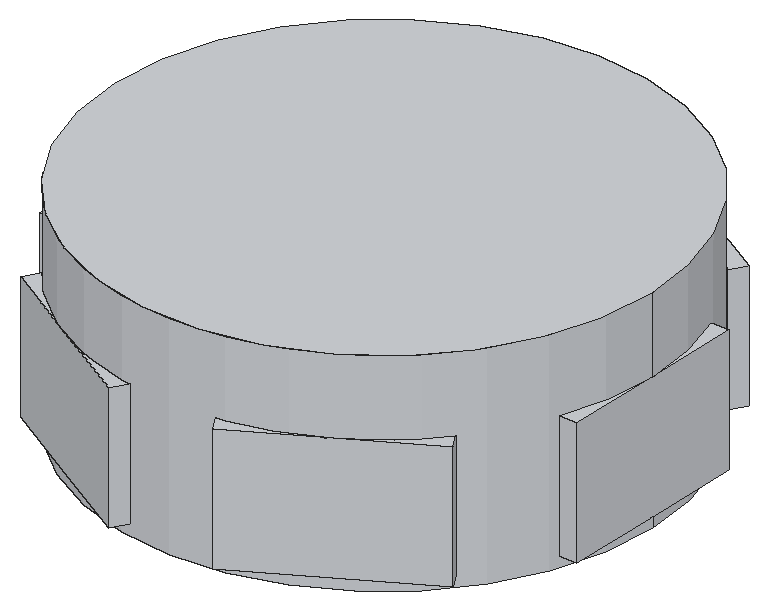
Revit family "6c62ecc6c8e648d5a6955eda6af94b59", category Conduit Fittings, Revit 2021
Family settings
  Round Connector Dimension = Use Radius
  Part Type = Multi Port
  OmniClass Number = 23.80.30.17.11
  OmniClass Title = Conduits
  Work Plane-Based = No
  Always vertical = Yes
  Cut with Voids When Loaded = No
  Shared = No
Parameters (values of type "Standard")
  Width 1 [instance] = Box Thickness * 0.45  # 0.73125"
  Nominal Radius 7 [instance] = 1/4"
  Nominal Radius 6 [instance] = 1/4"
  Nominal Radius 5 [instance] = 1/4"
  Nominal Radius 4 [instance] = 1/4"
  Nominal Radius 3 [instance] = 1/4"
  Nominal Radius 2 [instance] = 1/4"
  Nominal Diameter 7 [instance] = Nominal Radius 7 * 2  # 1/2"
  Nominal Diameter 6 [instance] = Nominal Radius 6 * 2  # 1/2"
  Nominal Diameter 5 [instance] = Nominal Radius 5 * 2  # 1/2"
  Nominal Diameter 4 [instance] = Nominal Radius 4 * 2  # 1/2"
  Nominal Diameter 3 [instance] = Nominal Radius 3 * 2  # 1/2"
  Nominal Diameter 2 [instance] = Nominal Radius 2 * 2  # 1/2"
  Max Nominal Diameter 56 [instance] = if(Nominal Diameter 5 > Nominal Diameter 6, Nominal Diameter 5, Nominal Diameter 6)  # 1/2"
  Max Nominal Diameter 34 [instance] = if(Nominal Diameter 3 > Nominal Diameter 4, Nominal Diameter 3, Nominal Diameter 4)  # 1/2"
  Max Nominal Diameter 1234567 [instance] = if(Max Nominal Diameter 123456 > Nominal Diameter 7, Max Nominal Diameter 123456, Nominal Diameter 7)  # 1/2"
  Max Nominal Diameter 123456 [instance] = if(Max Nominal Diameter 1234 > Max Nominal Diameter 56, Max Nominal Diameter 1234, Max Nominal Diameter 56)  # 1/2"
  Max Nominal Diameter 1234 [instance] = if(Max Nominal Diameter 12 > Max Nominal Diameter 34, Max Nominal Diameter 12, Max Nominal Diameter 34)  # 1/2"
  Max Nominal Diameter 12 [instance] = if(Nominal Diameter 1 > Nominal Diameter 2, Nominal Diameter 1, Nominal Diameter 2)  # 1/2"
  Default Elevation = 0' - 0"
  Box Thickness [instance] = if(not(Max Nominal Diameter 1234567 > 0' 1"), 0' 1 5/8", if(Max Nominal Diameter 1234567 < 0' 6", 0' 6", Max Nominal Diameter 1234567 * 1.2))  # 1 5/8"
  Box Radius [instance] = if(not(Max Nominal Diameter 1234567 > 0' 1"), 0' 2 1/16", 3 * Max Nominal Diameter 1234567)  # 2 1/16"
  Nominal Radius 1 [instance] = 1/4"
  Nominal Diameter 1 [instance] = Nominal Radius 1 * 2  # 1/2"
Reference planes (in)
  plane 1 "Center (Front/Back)": y = 0
  plane 2: z = 0
  plane 3 "Center (Left/Right)": x = 0
  plane 4: z = -0.8125
  plane 5: z = 0.8125
  plane 6: x = -2.0625
  plane 7: x = 2.0625
Forms (in)
  Extrusion 1, solid
    sketch origin (0, 0, 0) x (1, 0, 0) y (0, 1, 0)
      loop
        circle (0, 0) r 2.0625
    from -0.8125 to 0.8125
  Sweep 2, solid
    path in 3D
      loop
        line (-2.0625, 0, 0) -> (2.0625, 0, 0)
    profile "Conduit - Rectangular : Conduit - Rectangular" origin (0, 0, 0) x (0, 1, 0) y (0, 0, 1)
      loop
        line (-0.73125, 0.23366) -> (-0.73125, -0.73125) -> (0.73125, -0.73125) -> (0.73125, 0.23366) -> (-0.73125, 0.23366)
  Sweep 3, solid
    path in 3D
      loop
        line (1.03125, -1.78618, 0) -> (0, 0, 0) -> (-1.03125, 1.78618, 0)
    profile "Conduit - Rectangular : Conduit - Rectangular" origin (-0.51562, 0.89309, 0) x (-0.866025, -0.5, 0) y (0, 0, 1)
      loop
        line (-0.73125, 0.23366) -> (-0.73125, -0.73125) -> (0.73125, -0.73125) -> (0.73125, 0.23366) -> (-0.73125, 0.23366)
  Sweep 4, solid
    path in 3D
      loop
        line (-1.03125, -1.78618, 0) -> (0, 0, 0) -> (1.03125, 1.78618, 0)
    profile "Conduit - Rectangular : Conduit - Rectangular" origin (0.51563, 0.89309, 0) x (-0.866025, 0.5, 0) y (0, 0, 1)
      loop
        line (-0.73125, 0.23366) -> (-0.73125, -0.73125) -> (0.73125, -0.73125) -> (0.73125, 0.23366) -> (-0.73125, 0.23366)
Cuts and joins
  joined: Extrusion 1, Sweep 2, Sweep 3, Sweep 4
Lines and regions (in)
  reference lines
    curve 1: line (0, 0, 0) -> (-1.03125, 1.78618, 0)
    curve 2: line (0, 0, 0) -> (1.03125, 1.78618, 0)
    curve 3: line (0, 0, 0) -> (1.03125, -1.78618, 0)
    curve 4: line (0, 0, 0) -> (-1.03125, -1.78618, 0)
    curve 5: line (-2.0625, 0, 0) -> (2.0625, 0, 0)
  sketch lines
    curve 6: line (-2.0625, 0, 0) -> (2.0625, 0, 0)
    curve 7: line (0, 0, 0) -> (-1.03125, 1.78618, 0)
    curve 8: line (0, 0, 0) -> (1.03125, -1.78618, 0)
    curve 9: line (0, 0, 0) -> (1.03125, 1.78618, 0)
    curve 10: line (0, 0, 0) -> (-1.03125, -1.78618, 0)
Dimensions and locks (in)
  equal spacing: plane 5, plane 2, plane 4
  locked: level to plane 2
  "Box Thickness": plane 5 to plane 4
  "Box Radius": plane 6 to plane 3 "Center (Left/Right)"
  "Box Radius": plane 3 "Center (Left/Right)" to plane 7
  "Box Radius": curve 1 to curve 1
  "Box Radius": curve 2 to curve 2
  "Box Radius": curve 3 to curve 3
  "Box Radius": curve 4 to curve 4
  "Box Radius": radius of Extrusion 1 sketch curve
  locked: curve 1 to plane 1 "Center (Front/Back)" (angle 60.00°)
  locked: plane 1 "Center (Front/Back)" to curve 2 (angle 60.00°)
  locked: curve 3 to plane 1 "Center (Front/Back)" (angle 60.00°)
  locked: plane 1 "Center (Front/Back)" to curve 4 (angle 60.00°)
  aligned and locked: plane 1 "Center (Front/Back)" to Extrusion 1 sketch curve
  aligned and locked: plane 3 "Center (Left/Right)" to Extrusion 1 sketch curve
  aligned and locked: Extrusion 1 to plane 4
  aligned and locked: plane 5 to Extrusion 1
  aligned and locked: plane 1 "Center (Front/Back)" to curve 2
  aligned and locked: plane 3 "Center (Left/Right)" to curve 2
  aligned and locked: plane 6 to curve 5
  aligned and locked: plane 7 to curve 5
  aligned and locked: plane 1 "Center (Front/Back)" to curve 5
Connectors (in)
  cabletrayconduit at (-2.0625, 0, -0.24879), diameter 0.5, driven by "Nominal Radius 1"
    settings: on cut or joined group of Extrusion 1, Sweep 2, Sweep 3, Sweep 4, index 1, connector width 1' - 0", connector height 1' - 0", connector angle 0.00°, system type 32, placement type 0, profile type 0, connector reference index 4, is primary connector yes, connector utility param no, connector description ""
  cabletrayconduit at (-1.03125, 1.78618, -0.24879), diameter 0.5, driven by "Nominal Radius 2"
    settings: on cut or joined group of Extrusion 1, Sweep 2, Sweep 3, Sweep 4, index 2, connector width 1' - 0", connector height 1' - 0", connector angle 0.00°, system type 32, placement type 0, profile type 0, connector reference index 6, is primary connector no, connector utility param no, connector description ""
  cabletrayconduit at (-1.03125, -1.78618, -0.24879), diameter 0.5, driven by "Nominal Radius 3"
    settings: on cut or joined group of Extrusion 1, Sweep 2, Sweep 3, Sweep 4, index 3, connector width 1' - 0", connector height 1' - 0", connector angle 0.00°, system type 32, placement type 0, profile type 0, connector reference index 5, is primary connector no, connector utility param no, connector description ""
  cabletrayconduit at (2.0625, 0, -0.24879), diameter 0.5, driven by "Nominal Radius 4"
    settings: on cut or joined group of Extrusion 1, Sweep 2, Sweep 3, Sweep 4, index 4, connector width 1' - 0", connector height 1' - 0", connector angle 0.00°, system type 32, placement type 0, profile type 0, connector reference index 1, is primary connector no, connector utility param no, connector description ""
  cabletrayconduit at (1.03125, 1.78618, -0.24879), diameter 0.5, driven by "Nominal Radius 5"
    settings: on cut or joined group of Extrusion 1, Sweep 2, Sweep 3, Sweep 4, index 5, connector width 1' - 0", connector height 1' - 0", connector angle 0.00°, system type 32, placement type 0, profile type 0, connector reference index 3, is primary connector no, connector utility param no, connector description ""
  cabletrayconduit at (1.03125, -1.78618, -0.24879), diameter 0.5, driven by "Nominal Radius 6"
    settings: on cut or joined group of Extrusion 1, Sweep 2, Sweep 3, Sweep 4, index 6, connector width 1' - 0", connector height 1' - 0", connector angle 0.00°, system type 32, placement type 0, profile type 0, connector reference index 2, is primary connector no, connector utility param no, connector description ""
  cabletrayconduit at (0, 0, -0.8125), diameter 0.5, driven by "Nominal Radius 7"
    settings: on cut or joined group of Extrusion 1, Sweep 2, Sweep 3, Sweep 4, index 7, connector width 1' - 0", connector height 1' - 0", connector angle 0.00°, system type 32, placement type 0, profile type 0, connector reference index -1, is primary connector no, connector utility param no, connector description ""
